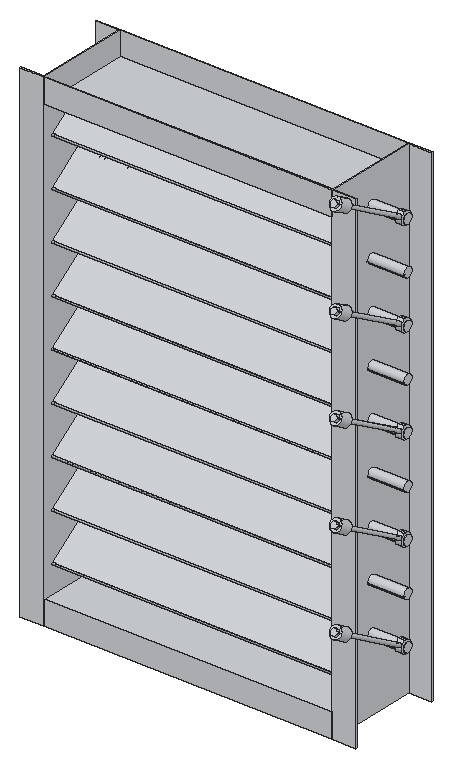
Revit family "ICB-950", category Mechanical Equipment, Revit 2015
Parameters
  Weight Spacing = 0' - 8"
  Weight Number [instance] = Blade Number / 2  # 5
  URL = "https://unitedenertech.com/catalog/pdf/F_21,22,23%20Model%20ICB-950.pdf"
  Type Comments = "Max. Single Section Size is (48\"w x 48\"h)"
  Model = "ICB-950"
  Manufacturer = "United Enertech Corporation"
  Keynote = "This model is only a representation of the product, blade position will vary from built dampers."
  Exact Width = 2' - 0"
  Exact Height = 3' - 1"
  Description = "Industrial Backdraft Damper"
  Blade Spacing = 0' - 4"
  Blade Number [instance] = rounddown((Exact Height - 0' 1") / Blade Spacing)  # 9
  BW [instance] = Exact Width - 0' 0 3/16"  # 1' - 11 13/16"
Reference planes (in)
  plane 1 "Center (Front/Back)": y = 0
  plane 2: z = 0
  plane 3 "Center (Left/Right)": x = 0
  plane 4: x = -12
  plane 5: x = 12
  plane 6: x = -14
  plane 7: x = 14
  plane 8: z = 37
  plane 9: z = -2
  plane 10: z = 39
  plane 11: x = 15.00625
  plane 12: z = 36.62827
  plane 13: z = 36.69073
Forms (in)
  Extrusion 1, solid
    sketch origin (-45, 57.8858, 15.83933) x (0, 1, 0) y (0, 0, -1)
      loop
        line (-57.8858, 17.83933) -> (-57.8858, 15.83933) -> (-49.8858, 15.83933) -> (-49.8858, 17.83933) -> (-49.9605, 17.83933) -> (-49.9605, 15.91403) -> (-57.8111, 15.91403) -> (-57.8111, 17.83933) -> (-57.8858, 17.83933)
    from -57 to -33
  Extrusion 2, solid
    sketch origin (-8.16067, 63.8858, 0) x (0, 1, 0) y (-1, 0, 0)
      loop
        line (-63.8858, 5.83933) -> (-63.8858, 3.83933) -> (-55.8858, 3.83933) -> (-55.8858, 5.83933) -> (-55.9605, 5.83933) -> (-55.9605, 3.91403) -> (-63.8111, 3.91403) -> (-63.8111, 5.83933) -> (-63.8858, 5.83933)
    from -2 to 39
  Extrusion 3, solid
    sketch origin (8.16067, 63.8858, 0) x (0, 1, 0) y (-1, 0, 0)
      loop
        line (-63.8858, -5.83933) -> (-63.8111, -5.83933) -> (-63.8111, -3.91403) -> (-55.9605, -3.91403) -> (-55.9605, -5.83933) -> (-55.8858, -5.83933) -> (-55.8858, -3.83933) -> (-63.8858, -3.83933) -> (-63.8858, -5.83933)
    from -2 to 39
  Extrusion 4, solid
    sketch origin (-45, -49.8858, 20.16067) x (0, -1, 0) y (0, 0, 1)
      loop
        line (-57.8858, 18.83933) -> (-57.8858, 16.83933) -> (-49.8858, 16.83933) -> (-49.8858, 18.83933) -> (-49.9605, 18.83933) -> (-49.9605, 16.91403) -> (-57.8111, 16.91403) -> (-57.8111, 18.83933) -> (-57.8858, 18.83933)
    from -57 to -33
  Extrusion 5, solid
    sketch origin (0, 0, -0.14076) x (0, 1, 0) y (0, 0, 1)
      loop
        line (4.00772, 0.14076) -> (4.75772, 0.14076) -> (4.75772, 0.23076) -> (4.09772, 0.23076) -> (4.09772, 2.41759) -> (4.00772, 2.41759) -> (4.00772, 0.14076)
    from -12 to 12
Dimensions and locks (in)
  equal spacing: plane 4, plane 3 "Center (Left/Right)", plane 5
  "Exact Width": plane 4 to plane 5
  locked: plane 6 to plane 4 at 2
  locked: plane 5 to plane 7 at 2
  "Exact Height": plane 8 to level
  locked: plane 10 to plane 8 at 2
  locked: level to plane 9 at 2
  locked: plane 5 to plane 11 at 3.00625
  locked: plane 8 to plane 12 at 0.37173
  locked: plane 8 to plane 13 at 0.30927
  equal spacing: group 1, group 2, group 3, group 4, group 5, group 6, group 7, group 12, group 13  (x2)
  equal spacing: group 13, group 12, group 7, group 6, group 5, group 4, group 3, group 2, group 1
  "Blade Spacing": nested 2 to nested 3
  equal spacing: group 8, group 9, group 10, group 11, group 14  (x2)
  equal spacing: group 14, group 11, group 10, group 9, group 8
  "Weight Spacing": nested 1 to nested 9
  aligned and locked: level to plane 2
  aligned and locked: level to Extrusion 1
  aligned and locked: Extrusion 4 to plane 8
  aligned and locked: plane 5 to Extrusion 1
  aligned and locked: plane 5 to Extrusion 4
  aligned and locked: plane 4 to Extrusion 4
  aligned and locked: plane 4 to Extrusion 1
  aligned and locked: plane 10 to Extrusion 2
  aligned and locked: plane 10 to Extrusion 3
  aligned and locked: Extrusion 3 to plane 9
  aligned and locked: Extrusion 2 to plane 9
  aligned and locked: plane 5 to Extrusion 5
  aligned and locked: plane 4 to Extrusion 5
  aligned and locked: plane 11 to nested 1
  aligned and locked: plane 3 "Center (Left/Right)" to nested 2
  aligned and locked: plane 13 to nested 1
  aligned and locked: plane 12 to nested 2
  aligned and locked: nested 1 to plane 11
  aligned and locked: plane 11 to nested 9
Automatic sketch dimensions
  Extrusion 1 sketch curve to level = 0' - 2"
  Extrusion 1 sketch curve to plane 1 "Center (Front/Back)" = 0' - 0"
  Extrusion 1 sketch curve to Extrusion 1 sketch curve = 0' - 0.0747"  (x3)
  Extrusion 1 sketch curve to Extrusion 1 sketch curve = 0' - 7.8506"
  Extrusion 1 sketch curve to level = 0' - 0.0747"
  Extrusion 1 sketch curve to Extrusion 1 sketch curve = 0' - 1.9253"
  plane 1 "Center (Front/Back)" to Extrusion 2 sketch curve = 0' - 0"
  Extrusion 2 sketch curve to plane 6 = 0' - 0"  (x2)
  Extrusion 2 sketch curve to plane 4 = 0' - 0"
  Extrusion 2 sketch curve to plane 1 "Center (Front/Back)" = 0' - 0.0747"
  plane 4 to Extrusion 2 sketch curve = 0' - 0.0747"
  Extrusion 2 sketch curve to Extrusion 2 sketch curve = 0' - 7.8506"
  Extrusion 2 sketch curve to Extrusion 2 sketch curve = 0' - 0.0747"
  plane 1 "Center (Front/Back)" to Extrusion 3 sketch curve = 0' - 0"
  Extrusion 3 sketch curve to plane 7 = 0' - 0"  (x2)
  Extrusion 3 sketch curve to plane 5 = 0' - 0"
  Extrusion 3 sketch curve to Extrusion 3 sketch curve = 0' - 0.0747"  (x2)
  Extrusion 3 sketch curve to plane 5 = 0' - 0.0747"
  Extrusion 3 sketch curve to Extrusion 3 sketch curve = 0' - 7.8506"
  Extrusion 4 sketch curve to plane 1 "Center (Front/Back)" = 0' - 8"
  Extrusion 4 sketch curve to Extrusion 4 sketch curve = 0' - 0.0747"  (x3)
  Extrusion 4 sketch curve to Extrusion 4 sketch curve = 0' - 7.8506"
  level to Extrusion 4 sketch curve = 3' - 1"
  Extrusion 4 sketch curve to Extrusion 4 sketch curve = 0' - 1.9253"  (x2)
  Extrusion 5 sketch curve to plane 1 "Center (Front/Back)" = 0' - 4.00772"
  Extrusion 5 sketch curve to Extrusion 5 sketch curve = 0' - 0.09"  (x2)
  level to Extrusion 5 sketch curve = 0' - 0.09"
  Extrusion 5 sketch curve to Extrusion 5 sketch curve = 0' - 0.66"
  Extrusion 5 sketch curve to Extrusion 5 sketch curve = 0' - 2.18683"
Nested families (in)
  nested 1: "ICBWEIGHT" at (12.23936, -0.53841, 34.28286), type "ICBWEIGHT"
  nested 2: "Blade" at (0, 5.00276, 33.76467), type "Blade"
    with Blade Width 1' - 11 13/16"
  nested 3: "Blade" at (0, 5.00276, 29.76467), type "Blade"
    with Blade Width 1' - 11 13/16"
  nested 4: "Blade" at (0, 5.00276, 25.76467), type "Blade"
    with Blade Width 1' - 11 13/16"
  nested 5: "Blade" at (0, 5.00276, 21.76467), type "Blade"
    with Blade Width 1' - 11 13/16"
  nested 6: "Blade" at (0, 5.00276, 17.76467), type "Blade"
    with Blade Width 1' - 11 13/16"
  nested 7: "Blade" at (0, 5.00276, 13.76467), type "Blade"
    with Blade Width 1' - 11 13/16"
  nested 8: "Blade" at (0, 5.00276, 9.76467), type "Blade"
    with Blade Width 1' - 11 13/16"
  nested 9: "ICBWEIGHT" at (12.23936, -0.53841, 26.28286), type "ICBWEIGHT"
  nested 10: "ICBWEIGHT" at (12.23936, -0.53841, 18.28286), type "ICBWEIGHT"
  nested 11: "ICBWEIGHT" at (12.23936, -0.53841, 10.28286), type "ICBWEIGHT"
  nested 12: "Blade" at (0, 5.00276, 5.76467), type "Blade"
    with Blade Width 1' - 11 13/16"
  nested 13: "Blade" at (0, 5.00276, 1.76467), type "Blade"
    with Blade Width 1' - 11 13/16"
  nested 14: "ICBWEIGHT" at (12.23936, -0.53841, 2.28286), type "ICBWEIGHT"
Definition of nested family "ICBWEIGHT"
  Reference planes (in)
    plane 1 "Center (Front/Back)": y = 0
    plane 2: z = 0
    plane 3 "Center (Left/Right)": x = 0
  Forms (in)
    Extrusion 1, solid
      sketch origin (4.98495, 6.38014, 21.32465) x (0, -0.5, -0.866025) y (-1, 0, 0)
        loop
          circle (17.74334, 2.46532) r 0.15625
      from 0 to 7.75
    Extrusion 2, solid
      sketch origin (4.98495, 6.16364, 21.44965) x (0, -0.5, -0.866025) y (-1, 0, 0)
        loop
          line (17.74334, 2.16756) -> (17.99334, 2.31189) -> (17.99334, 2.60057) -> (17.74334, 2.74491) -> (17.49334, 2.60057) -> (17.49334, 2.31189) -> (17.74334, 2.16756)
      from 0 to 0.25
    Extrusion 3, solid
      sketch origin (2.26689, 12.21794, 20.20438) x (0, -0.5, -0.866025) y (0, 0.866025, -0.5)
        loop
          circle (19.69206, 2.46806) r 0.2565
        loop
          line (19.2202, 2.30268) -> (19.3129, 2.14212)
          arc (19.3129, 2.14212) -> (20.12507, 2.71806) -> (19.2202, 2.30268) r 0.5
      from 0 to 0.5
    Extrusion 4, solid
      sketch origin (4.98495, -12.37573, -13.41147) x (0, 0.5, 0.866025) y (-1, 0, 0)
        loop
          circle (21.71696, 2.46806) r 0.1925
        loop
          circle (21.71696, 2.46806) r 0.5
      from 0 to 1.125
  Dimensions and locks (in)
    aligned and locked: level to plane 2
Definition of nested family "Blade"
  Parameters (values of type "Blade")
    Blade Width = 2' - 0"
  Reference planes (in)
    plane 1 "Center (Front/Back)": y = 0
    plane 2: z = 0
    plane 3 "Center (Left/Right)": x = 0
    plane 4: x = -12
    plane 5: x = 12
    plane 6: x = -13
    plane 7: x = 15.25
  Forms (in)
    Extrusion 1, solid
      sketch origin (0, 1.96143, 2.79105) x (0, 0.866025, 0.5) y (0, -0.5, 0.866025)
        loop
          circle (-2.77042, 1.18806) r 0.3774
      from -13 to 15.25
    Extrusion 2, solid
      sketch origin (0, 1.96143, 2.79105) x (0, 0.866025, 0.5) y (0, -0.5, 0.866025)
        loop
          line (-2.42758, 1.3458) -> (-2.37445, 1.37051)
          arc (-2.37445, 1.37051) -> (-2.42308, 1.45157) -> (-2.48804, 1.52024) r 0.43599
          line (-2.48804, 1.52024) -> (-2.61656, 1.59444)
          arc (-2.61656, 1.59444) -> (-2.73375, 1.62094) -> (-2.85373, 1.61446) r 0.43612
          line (-2.85373, 1.61446) -> (-6.40601, 1.24034)
          arc (-6.40601, 1.24034) -> (-6.49997, 1.14708) -> (-6.40647, 1.05334) r 0.0935
          line (-6.40647, 1.05334) -> (-5.93838, 1.05288) -> (-5.93838, 1.11303) -> (-6.40974, 1.11303)
          arc (-6.40974, 1.11303) -> (-6.43368, 1.1249) -> (-6.43873, 1.15113) r 0.03008
          arc (-6.43873, 1.15113) -> (-6.43455, 1.17615) -> (-6.41273, 1.18908) r 0.03008
          line (-6.41273, 1.18908) -> (-2.74705, 1.56473)
          arc (-2.74705, 1.56473) -> (-2.55709, 1.49937) -> (-2.42758, 1.3458) r 0.3774
      from -12 to 12
    Extrusion 3, solid
      sketch origin (0, 1.96143, 2.79105) x (0, 0.866025, 0.5) y (0, -0.5, 0.866025)
        loop
          arc (-2.49261, 0.93262) -> (-2.61812, 0.84276) -> (-2.76911, 0.81066) r 0.3774
          line (-2.76911, 0.81066) -> (-5.86824, 1.17278) -> (-6.40974, 1.17278) -> (-6.40974, 1.11303) -> (-5.87522, 1.11303) -> (-2.87096, 0.762)
          arc (-2.87096, 0.762) -> (-2.64195, 0.7696) -> (-2.44841, 0.89225) r 0.43612
          line (-2.44841, 0.89225) -> (-2.49261, 0.93262)
      from -12 to 12
  Dimensions and locks (in)
    equal spacing: plane 4, plane 3 "Center (Left/Right)", plane 5
    "Blade Width": plane 4 to plane 5
    locked: plane 5 to plane 7 at 3.25
    locked: plane 6 to plane 4 at 1
    aligned and locked: level to plane 2
    aligned and locked: plane 4 to Extrusion 2
    aligned and locked: plane 5 to Extrusion 2
    aligned and locked: plane 5 to Extrusion 3
    aligned and locked: plane 4 to Extrusion 3
    aligned and locked: Extrusion 1 to plane 7
    aligned and locked: plane 6 to Extrusion 1
  Automatic sketch dimensions
    level to Extrusion 1 sketch curve = 0' - 2.43473"
    plane 1 "Center (Front/Back)" to Extrusion 1 sketch curve = 0' - 1.03185"
    level to Extrusion 3 sketch curve = 0' - 0.60184"
    plane 1 "Center (Front/Back)" to Extrusion 3 sketch curve = 0' - 4.17595"
    Extrusion 3 sketch curve to Extrusion 3 sketch curve = 0' - 0.53452"
    Extrusion 3 sketch curve to Extrusion 3 sketch curve = 0' - 0.00698"
    Extrusion 3 sketch curve to Extrusion 3 sketch curve = 0' - 3.00426"
    Extrusion 3 sketch curve to Extrusion 3 sketch curve = 0' - 0.10054"
    Extrusion 3 sketch curve to Extrusion 3 sketch curve = 0' - 0"
    Extrusion 3 sketch curve to Extrusion 3 sketch curve = 0' - 0.10185"
    Extrusion 3 sketch curve to Extrusion 3 sketch curve = 0' - 0.27651"
    Extrusion 3 sketch curve to Extrusion 3 sketch curve = 0' - 0.0442"
    Extrusion 3 sketch curve to Extrusion 3 sketch curve = 0' - 0.05975"
    Extrusion 3 sketch curve to Extrusion 3 sketch curve = 0' - 0.24016"
    Extrusion 3 sketch curve to Extrusion 3 sketch curve = 0' - 0.04037"
    Extrusion 3 sketch curve to Extrusion 3 sketch curve = 0' - 0.12196"
    Extrusion 3 sketch curve to Extrusion 3 sketch curve = 0' - 0.04866"
    level to Extrusion 2 sketch curve = 0' - 0.61446"
    plane 1 "Center (Front/Back)" to Extrusion 2 sketch curve = 0' - 4.1867"
    Extrusion 2 sketch curve to Extrusion 2 sketch curve = 0' - 0.00299"
    Extrusion 2 sketch curve to Extrusion 2 sketch curve = 0' - 0"  (x4)
    Extrusion 2 sketch curve to Extrusion 2 sketch curve = 0' - 0.00327"
    Extrusion 2 sketch curve to Extrusion 2 sketch curve = 0' - 0.00673"
    Extrusion 2 sketch curve to Extrusion 2 sketch curve = 0' - 0.46809"
    Extrusion 2 sketch curve to Extrusion 2 sketch curve = 0' - 3.08465"
    Extrusion 2 sketch curve to Extrusion 2 sketch curve = 0' - 0.08331"
    Extrusion 2 sketch curve to Extrusion 2 sketch curve = 0' - 0.10668"
    Extrusion 2 sketch curve to Extrusion 2 sketch curve = 0' - 0.05313"
    Extrusion 2 sketch curve to Extrusion 2 sketch curve = 0' - 0.00102"
    Extrusion 2 sketch curve to Extrusion 2 sketch curve = 0' - 0.00169"
    Extrusion 2 sketch curve to Extrusion 2 sketch curve = 0' - 0.02993"
    Extrusion 2 sketch curve to Extrusion 2 sketch curve = 0' - 0.01231"
    Extrusion 2 sketch curve to Extrusion 2 sketch curve = 0' - 0.00373"
    Extrusion 2 sketch curve to Extrusion 2 sketch curve = 0' - 0.03008"
    Extrusion 2 sketch curve to Extrusion 2 sketch curve = 0' - 0.05969"
    Extrusion 2 sketch curve to Extrusion 2 sketch curve = 0' - 0.06015"
    Extrusion 2 sketch curve to Extrusion 2 sketch curve = 0' - 0.02471"
    Extrusion 2 sketch curve to Extrusion 2 sketch curve = 0' - 0.13049"
    Extrusion 2 sketch curve to Extrusion 2 sketch curve = 0' - 0.1136"
    Extrusion 2 sketch curve to Extrusion 2 sketch curve = 0' - 0.14973"
    Extrusion 2 sketch curve to Extrusion 2 sketch curve = 0' - 0.02972"
    Extrusion 2 sketch curve to Extrusion 2 sketch curve = 0' - 0.09421"
    radius of Extrusion 1 sketch curve = 0' - 0.3774"
